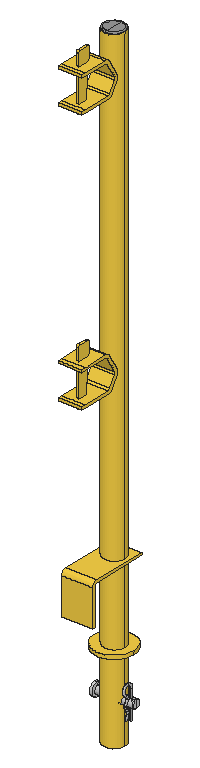
Revit family "HANDRAIL POST S-V_1860516", category Generic Models, Revit 2018
Family settings
  Can host rebar = No
  Round Connector Dimension = Use Diameter
  Part Type = Normal
  OmniClass Number = 35.51.14.00
  OmniClass Title = FORMWORK
  Work Plane-Based = Yes
  Always vertical = No
  Cut with Voids When Loaded = No
  Shared = Yes
  Room Calculation Point = No
Parameters
  VERSION = "20170217"  # constant formula
  URL = "www.ulmaconstruction.com/en"
  UNICLASS = ""
  Manufacturer = "ULMA CONSTRUCTION"  # constant formula
  ITEM_CODE = "1860516"
  FILTER [instance] = ""
  Default Elevation = 0.000 mm
  CLASSIFICATION_TITLE = ""
  CLASSIFICATION_NUMBER = ""
Reference planes
  plane 1 "Centro (Frontal/Posterior)": y = 0
  plane 2: z = 0
  plane 3 "Centro (Izquierda/Derecha)": x = 0
  plane 4: z = 1007.504
  plane 5: y = -52.7
  plane 6: z = 495.5
  plane 7: y = -52.7
Forms (mm)
  Extrusion 1, solid, material "ULMA YELLOW"
    sketch origin (0, 0, 0) x (1, 0, 0) y (0, 1, 0)
      loop
        circle (0, 0) r 21
    from -165 to 1075
  Revolve 2, solid, material "ULMA POLYPROPYLENE BLACK", detail levels fine
    sketch origin (0, 0, 0) x (0, 1, 0) y (0, 0, 1)
      loop
        line (-20, 1075) -> (0, 1075) -> (0, 1078) -> (-18, 1078)
        arc (-18, 1078) -> (-19.414, 1077.414) -> (-20, 1076) r 2
        line (-20, 1076) -> (-20, 1075)
      axis (0, 1075) -> (0, 1078)
    angle from 0 to 360
  Extrusion 3, solid, material "ULMA YELLOW"
    sketch origin (0, 0, 0) x (1, 0, 0) y (0, 1, 0)
      loop
        circle (0, 0) r 39
    from 0 to 7
  Extrusion 4, solid, material "ULMA YELLOW", detail levels fine
    sketch origin (0, 0, 0) x (0, 1, 0) y (0, 0, 1)
      loop
        line (-97.81, 1048.004) -> (-106, 1048.004) -> (-106, 1043.004) -> (-97.81, 1043.004) -> (-48.898, 1043.004)
        arc (-48.898, 1043.004) -> (-46.398, 1042.334) -> (-44.568, 1040.504) r 5
        line (-44.568, 1040.504) -> (-26.67, 1009.504)
        arc (-26.67, 1009.504) -> (-26, 1007.004) -> (-26.67, 1004.504) r 5
        line (-26.67, 1004.504) -> (-37.64, 985.504)
        arc (-37.64, 985.504) -> (-39.47, 983.674) -> (-41.97, 983.004) r 5
        line (-41.97, 983.004) -> (-97.81, 983.004) -> (-106, 983.004) -> (-106, 978.004) -> (-97.81, 978.004) -> (-41.97, 978.004)
        arc (-41.97, 978.004) -> (-36.97, 979.343) -> (-33.309, 983.004) r 10
        line (-33.309, 983.004) -> (-22.34, 1002.004)
        arc (-22.34, 1002.004) -> (-21, 1007.004) -> (-22.34, 1012.004) r 10
        line (-22.34, 1012.004) -> (-40.238, 1043.004)
        arc (-40.238, 1043.004) -> (-43.898, 1046.664) -> (-48.898, 1048.004) r 10
        line (-48.898, 1048.004) -> (-97.81, 1048.004)
    from -22.5 to 22.5
  Extrusion 5, solid, material "ULMA YELLOW", detail levels fine
    sketch origin (0, 0, 0) x (0, 1, 0) y (0, 0, 1)
      loop
        line (-48.898, 536) -> (-97.81, 536) -> (-106, 536) -> (-106, 531) -> (-97.81, 531) -> (-48.898, 531)
        arc (-48.898, 531) -> (-46.398, 530.33) -> (-44.568, 528.5) r 5
        line (-44.568, 528.5) -> (-26.67, 497.5)
        arc (-26.67, 497.5) -> (-26, 495) -> (-26.67, 492.5) r 5
        line (-26.67, 492.5) -> (-37.64, 473.5)
        arc (-37.64, 473.5) -> (-39.47, 471.67) -> (-41.97, 471) r 5
        line (-41.97, 471) -> (-97.81, 471) -> (-106, 471) -> (-106, 466) -> (-97.81, 466) -> (-41.97, 466)
        arc (-41.97, 466) -> (-36.97, 467.34) -> (-33.309, 471) r 10
        line (-33.309, 471) -> (-22.34, 490)
        arc (-22.34, 490) -> (-21, 495) -> (-22.34, 500) r 10
        line (-22.34, 500) -> (-40.238, 531)
        arc (-40.238, 531) -> (-43.898, 534.66) -> (-48.898, 536) r 10
    from -22.5 to 22.5
  Extrusion 6, solid, material "ULMA YELLOW", detail levels fine
    sketch origin (0, 0, 0) x (0, 1, 0) y (0, 0, 1)
      loop
        line (-87.475, 1070.935) -> (-87.475, 966.935)
        arc (-87.475, 966.935) -> (-86.597, 964.813) -> (-84.475, 963.935) r 3
        line (-84.475, 963.935) -> (-77.157, 963.935)
        arc (-77.157, 963.935) -> (-75.158, 964.698) -> (-74.176, 966.6) r 3
        line (-74.176, 966.6) -> (-63.475, 1061.935) -> (-63.475, 1070.935)
        arc (-63.475, 1070.935) -> (-64.354, 1073.056) -> (-66.475, 1073.935) r 3
        line (-66.475, 1073.935) -> (-84.475, 1073.935)
        arc (-84.475, 1073.935) -> (-86.597, 1073.056) -> (-87.475, 1070.935) r 3
    from -2.5 to 2.5
  Extrusion 7, solid, material "ULMA YELLOW", detail levels fine
    sketch origin (0, 0, 0) x (0, 1, 0) y (0, 0, 1)
      loop
        line (-87.475, 558.931) -> (-87.475, 454.931)
        arc (-87.475, 454.931) -> (-86.597, 452.81) -> (-84.475, 451.931) r 3
        line (-84.475, 451.931) -> (-77.157, 451.931)
        arc (-77.157, 451.931) -> (-75.158, 452.694) -> (-74.176, 454.596) r 3
        line (-74.176, 454.596) -> (-63.475, 549.931) -> (-63.475, 558.931)
        arc (-63.475, 558.931) -> (-64.354, 561.052) -> (-66.475, 561.931) r 3
        line (-66.475, 561.931) -> (-84.475, 561.931)
        arc (-84.475, 561.931) -> (-86.597, 561.052) -> (-87.475, 558.931) r 3
    from -2.5 to 2.5
  Revolve 8, solid, material "ULMA ZINC", detail levels fine
    sketch origin (0, 0, 0) x (1, 0, 0) y (0, 0, 1)
      loop
        line (-37, -85) -> (43, -85) -> (43, -78) -> (42, -77) -> (-32, -77) -> (-32, -72.5) -> (-37, -72.5) -> (-37, -85)
      axis (-37, -85) -> (43, -85)
    angle from 0 to 360
  Sweep 9, solid, material "ULMA ZINC", detail levels fine
    path in 3D
      loop
        line (33, -12, -112.2) -> (33, -7.682, -101.512)
        arc (33, -7.682, -101.512) -> (33, -7.503, -100.445) -> (33, -7.793, -99.402) r 2.5
        line (33, -7.793, -99.402) -> (33, -13.762, -88.176)
        arc (33, -13.762, -88.176) -> (33, -14.055, -87.002) -> (33, -13.762, -85.828) r 2.5
        line (33, -13.762, -85.828) -> (33, -7.793, -74.602)
        arc (33, -7.793, -74.602) -> (33, -7.557, -72.897) -> (33, -8.478, -71.445) r 2.5
        line (33, -8.478, -71.445) -> (33, -14.479, -66.84)
        arc (33, -14.479, -66.84) -> (33, -17.522, -56.807) -> (33, -9, -50.7) r 9
        arc (33, -9, -50.7) -> (33, -2.636, -53.336) -> (33, 0, -59.7) r 9
        line (33, 0, -59.7) -> (33, 0, -116.2)
    profile origin (33, 0, -87.95) x (-1, 0, 0) y (0, -1, 0)
      loop
        circle (0, -0.409) r 1.5
  Extrusion 10, solid, material "ULMA YELLOW", detail levels fine
    sketch origin (0, 0, 0) x (0, 1, 0) y (0, 0, 1)
      loop
        line (-85, 81) -> (-85, 152)
        arc (-85, 152) -> (-83.536, 155.536) -> (-80, 157) r 5
        line (-80, 157) -> (30, 157) -> (30, 161) -> (-80, 161)
        arc (-80, 161) -> (-86.364, 158.364) -> (-89, 152) r 9
        line (-89, 152) -> (-89, 81) -> (-85, 81)
    from -30 to 30
Lines and regions (mm)
  reference lines
    curve 1: arc (33, -9, -50.7) -> (33, -2.636, -53.336) -> (33, 0, -59.7) r 9
    curve 2: arc (33, -14.479, -66.84) -> (33, -17.522, -56.807) -> (33, -9, -50.7) r 9
    curve 3: line (33, 0, -59.7) -> (33, 0, -116.2)
    curve 4: line (33, -8.478, -71.445) -> (33, -14.479, -66.84)
    curve 5: arc (33, -7.793, -74.602) -> (33, -7.557, -72.897) -> (33, -8.478, -71.445) r 2.5
    curve 6: line (33, -13.762, -85.828) -> (33, -7.793, -74.602)
    curve 7: arc (33, -13.762, -88.176) -> (33, -14.055, -87.002) -> (33, -13.762, -85.828) r 2.5
    curve 8: line (33, -7.793, -99.402) -> (33, -13.762, -88.176)
    curve 9: arc (33, -7.682, -101.512) -> (33, -7.503, -100.445) -> (33, -7.793, -99.402) r 2.5
    curve 10: line (33, -12, -112.2) -> (33, -7.682, -101.512)
  sketch lines
    curve 11: line (33, 0, -59.7) -> (33, 0, -116.2)
    curve 12: arc (33, -9, -50.7) -> (33, -2.636, -53.336) -> (33, 0, -59.7) r 9
    curve 13: arc (33, -14.479, -66.84) -> (33, -17.522, -56.807) -> (33, -9, -50.7) r 9
    curve 14: line (33, -8.478, -71.445) -> (33, -14.479, -66.84)
    curve 15: arc (33, -7.793, -74.602) -> (33, -7.557, -72.897) -> (33, -8.478, -71.445) r 2.5
    curve 16: line (33, -13.762, -85.828) -> (33, -7.793, -74.602)
    curve 17: arc (33, -13.762, -88.176) -> (33, -14.055, -87.002) -> (33, -13.762, -85.828) r 2.5
    curve 18: line (33, -7.793, -99.402) -> (33, -13.762, -88.176)
    curve 19: arc (33, -7.682, -101.512) -> (33, -7.503, -100.445) -> (33, -7.793, -99.402) r 2.5
    curve 20: line (33, -12, -112.2) -> (33, -7.682, -101.512)
  model lines, style "ULMA PROTECTION ITEMS", detail levels medium+fine
    curve 21: circle (0, 0, 7) r 21.5 normal (0, 0, 1)
    curve 22: circle (0, 0, 0) r 21.5 normal (0, 0, 1)
Dimensions and locks
  aligned and locked: level to plane 2
